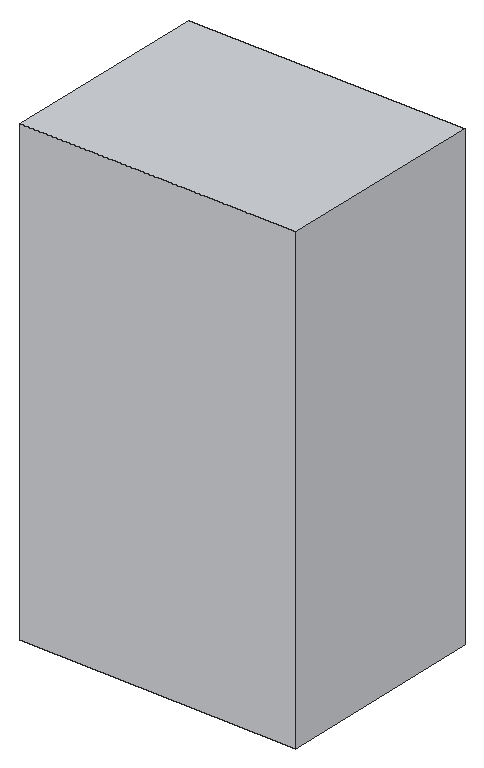
Revit family
Parameters
  Paper Roll = Metal - Stainless Steel
  Body Material = Metal - Stainless Steel
  Warranty Duration (Years) = 0
  URL = "http://www.americanspecialties.com/viewCategories.cfm"
  Test Data = ""
  Specification = "http://www.arcat.com/sdspecs/htm/10810asi.htm"
  SpecWizard = ""
  Send Message = "http://www.arcat.com/users.pl?action=UserEmail&company=American%20Specialties,%20Inc.&coid=30448&rep=139&fax=914-476-0688&mf="
  Sales Information = "http://www.americanspecialties.com/contact"
  Revision = "R1_10-2010"
  Product Properties = "http://www.americanspecialties.com/datasheets/0042.pdf"
  Product Data = "http://www.arcat.com/arcatcos/cos30/arc30448.html"
  Model = "As Specified in 10 28 13"
  Manufacturer Website = "http://www.americanspecialties.com/viewCategories.cfm"
  Manufacturer Phone - Toll Free = ""
  Manufacturer Phone = "914-476-9000 "
  Manufacturer Fax = "914-476-0688"
  Manufacturer Address = "441 Saw Mill River Rd., Yonkers, NY 10701"
  Manufacturer = "American Specialties, Inc."
  Maintenance Schedule (Months) = 0
  Keynote = "10 28 13"
  Installation-Fabrication = "http://www.americanspecialties.com/products.cfm"
  Green Building-LEED = ""
  Expected Lifespan (Years) = 0
  Drawn By = "Robert S. Weygant. CSI, CDT, SCIP"  # constant formula
  Description = "Toilet Accessory as Specified in 10 28 13"
  Default Elevation = 4' - 0"
  Copyright = "©Arcat Inc."
  Construction Details = "http://www.arcat.com/green/clients/leed_data_30448.html"
  Building Codes = "http://www.americanspecialties.com/products.cfm"
  Assembly Code = "C1030210"
Reference planes (in)
  plane 1 "Center (Front/Back)": y = -0.29112
  plane 2 "Floor Line": z = 0
  plane 3 "Center (Left/Right)": x = -0.65843
  plane 4: x = -5.97093
  plane 5: x = 4.65407
  plane 6: y = 5.02138
  plane 7: y = -5.60362
  plane 8: z = 4.5
  plane 9: z = 4.46875
Forms (in)
  Extrusion 1, solid
    sketch origin (-3.65843, -10.3328, -6) x (0, 0, -1) y (1, 0, 0)
      loop
        line (-82, 26) -> (-82, -19.34712) -> (-6, -19.34712) -> (-6, 26) -> (-82, 26)
    from 9 to -25.60721
  Revolve 2, solid, material "Metal - Stainless Steel" <- "Body Material"
    sketch origin (-0.65843, 0, 0) x (0, 1, 0) y (0, 0, 1)
      loop
        line (5.02138, 4.5) -> (4.99013, 4.5) -> (4.99013, 0.03125) -> (-0.29112, 0.03125) -> (-0.29112, 0) -> (5.02138, 0) -> (5.02138, 4.5)
      axis (-0.29112, 4.5) -> (-0.29112, 0)
    angle from 0 to 360
  Revolve 3, solid, material "Metal - Stainless Steel" <- "Body Material"
    sketch origin (-0.65843, 0, 0) x (0, 1, 0) y (0, 0, 1)
      loop
        arc (0.3806, 4.5) -> (0.30025, 4.54639) -> (0.20888, 4.5625) r 0.26714
        line (0.20888, 4.5625) -> (0.01886, 4.5625)
        arc (0.01886, 4.5625) -> (0.00055, 4.60669) -> (-0.04364, 4.625) r 0.0625
        line (-0.04364, 4.625) -> (-0.29112, 4.625) -> (-0.29112, 4.46875) -> (5.02138, 4.46875) -> (5.02138, 4.5) -> (0.3806, 4.5)
      axis (-0.29112, 4.625) -> (-0.29112, 4.46875)
    angle from 0 to 360
  Extrusion 4, solid, material "Metal - Stainless Steel" <- "Body Material"
    sketch origin (0, 0, 0) x (1, 0, 0) y (0, 1, 0)
      loop
        line (-0.90843, 5.02138) -> (-1.84317, 4.08665) -> (-1.84317, -3.72862) -> (-3.71203, -4.60008) -> (-3.71203, -5.60362) -> (2.39516, -5.60362) -> (2.39516, -4.60008) -> (0.5263, -3.72862) -> (0.5263, 4.08665) -> (-0.40843, 5.02138) -> (-0.90843, 5.02138)
      loop
        circle (-0.65843, 3.77138) r 0.125
      loop
        circle (-0.65843, 1.27138) r 0.125
      loop
        circle (-0.65843, -1.85362) r 0.125
      loop
        circle (-2.34593, -5.10362) r 0.125
      loop
        circle (1.02907, -5.10362) r 0.125
    from 0 to 0.0625
  Extrusion 5, solid, material "Metal - Stainless Steel" <- "Body Material"
    sketch origin (0, 0, 0) x (1, 0, 0) y (0, 1, 0)
      loop
        line (-3.71203, -4.60008) -> (-3.71203, -5.60362) -> (-3.58703, -5.60362) -> (-3.58703, -4.54179) -> (-3.71203, -4.60008)
      loop
        line (2.39516, -4.60008) -> (2.27016, -4.54179) -> (2.27016, -5.60362) -> (2.39516, -5.60362) -> (2.39516, -4.60008)
    from 0 to 4.5
  Extrusion 6, void
    sketch origin (0.01073, 0, 0) x (1, 0, 0) y (0, 1, 0)
      loop
        arc (-0.79416, -3.58721) -> (-0.66916, -3.71221) -> (-0.54416, -3.58721) r 0.125
        line (-0.54416, -3.58721) -> (-0.54416, -1.83721)
        arc (-0.54416, -1.83721) -> (-0.66916, -1.71221) -> (-0.79416, -1.83721) r 0.125
        line (-0.79416, -1.83721) -> (-0.79416, -3.58721)
    from 4.46875 to 4.5
  Revolve 7, solid, material "Metal - Stainless Steel" <- "Body Material"
    sketch origin (-0.65843, 0, 0) x (0, 1, 0) y (0, 0, 1)
      loop
        line (-0.29112, 4.46875) -> (-0.29112, 0.0625) -> (0.33062, 0.0625) -> (0.33062, 0.15998) -> (0.37596, 0.15998)
        arc (0.37596, 0.15998) -> (0.43846, 0.22248) -> (0.37596, 0.28498) r 0.0625
        line (0.37596, 0.28498) -> (0.33062, 0.28498) -> (0.33062, 3.70681) -> (0.37596, 3.70681)
        arc (0.37596, 3.70681) -> (0.43846, 3.76931) -> (0.37596, 3.83181) r 0.0625
        line (0.37596, 3.83181) -> (0.33062, 3.83181) -> (0.33062, 4.46875) -> (-0.29112, 4.46875)
      axis (-0.29112, 4.46875) -> (-0.29112, 0.0625)
    angle from 0 to 360
  Extrusion 8, solid, material "Metal - Stainless Steel" <- "Paper Roll"
    sketch origin (0, 0, 0) x (1, 0, 0) y (0, 1, 0)
      loop
        circle (-0.65843, -0.29112) r 3
    from 0.28498 to 3.83181
Cuts and joins
  Extrusion 6 cuts Revolve 2
  Extrusion 6 cuts Revolve 3
Dimensions and locks (in)
  aligned and locked: Revolve 2 sketch curve to plane 1 "Center (Front/Back)"
  aligned and locked: Revolve 3 sketch curve to plane 1 "Center (Front/Back)"
  aligned and locked: plane 8 to Extrusion 5
  aligned and locked: Extrusion 5 to level
  aligned and locked: Extrusion 6 to plane 9
  aligned and locked: plane 8 to Extrusion 6
  aligned and locked: Revolve 7 sketch curve to plane 1 "Center (Front/Back)"
